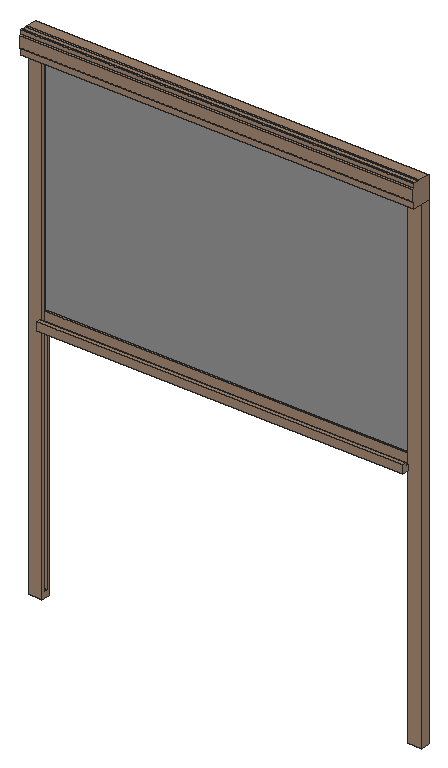
Revit family "Screen_Window_PrestigeSeries_PhantomScreens", category Windows, host Wall, Revit 2015
Parameters (values of type "Type as Specified")
  Wooden Slide Bar = Dark Ash
  URL = "http://www.phantomscreens.com/"
  Track Width = 0' - 1 89/256"
  Track Depth = 0' - 0 223/256"
  Specification = "http://www.phantomscreens.com/architects-designers/specifications-binder/"
  Slide Bar Height = 0' - 1.395"
  Slide Bar Depth = 0' - 1 1/2"
  Screen Thickness = 0' - 0 1/32"
  Screen = BetterVue™ Mesh
  Sales Information = "http://www.phantomscreens.com/support/"
  Revision = "R1_08-2016"
  Product Properties = "http://www.phantomscreens.com/drive/uploads/2015/05/technical_specs_serene.pdf"
  Product Data = "http://www.arcat.com/arcatcos/cos9540/arc40535.html"
  Percent Open [instance] = 50
  Model = "Prestige Series"
  Manufacturer Website = "http://www.phantomscreens.com/"
  Manufacturer Phone - Toll Free = ""
  Manufacturer Phone = "604-855-3654"
  Manufacturer Fax = "604-855-7834"
  Manufacturer Address = "30451 Simpson Rd.; Abbotsford; BC; Canada V2T 6C7"
  Manufacturer = "Phantom Screens"
  Keynote = "08 11 00"
  Installation-Fabrication = "http://www.phantomscreens.com/architects-designers/options/"
  Housing Depth = 0' - 1.901"
  Housing Height = 0' - 2.264"
  Height [instance] = 4' - 0"
  Drawn By = "Sumex Design - Robert S Weygant"
  Description = "Phantom Screens Prestige Series Screen"
  Default Sill Height = 3' - 0"
  Wall Closure = By host
  Width [instance] = 3' - 0"
  Copyright = "� 2016 ARCAT Inc."
  Construction Details = "http://www.arcat.com/details/phantoms/95prod3446.html"
  Assembly Code = "B2020400"
  Amount Open [instance] = Height * (Percent Open / 100)  # 2' - 0"
  Aluminum Track = Dark Ash
  Aluminum Slide Bar = Dark Ash
  Aluminum Housing = Dark Ash
Reference planes (in)
  plane 1 "Center (Front/Back)": y = 0
  plane 2: z = 0
  plane 3 "Center (Left/Right)": x = 0
  plane 4 "Left": x = -18
  plane 5 "Right": x = 18
  plane 6 "Sill": z = 36
  plane 7 "Top": z = 84
  plane 8: z = 86.264
  plane 9: x = 19.34766
  plane 10: x = -19.34766
  plane 11: y = -3
  plane 12: y = -4.901
  plane 13: z = 60
  plane 14: z = 61.395
  plane 15: y = -3.35938
  plane 16: y = -3.39062
  plane 17: y = -3.87109
  plane 18: y = -4.5
Forms (in)
  Extrusion 1, solid, material "Dark Ash" <- "Aluminum Track"
    sketch origin (0, 0, 0) x (1, 0, 0) y (0, 0, 1)
      loop
        line (19.34766, 84) -> (18, 84) -> (18, 36) -> (19.34766, 36) -> (19.34766, 84)
    from 3 to 3.87109
  Extrusion 2, solid, material "Dark Ash" <- "Aluminum Track"
    sketch origin (0, 0, 0) x (-1, 0, 0) y (0, 0, -1)
      loop
        line (19.34766, -84) -> (19.34766, -36) -> (18, -36) -> (18, -84) -> (19.34766, -84)
    from 3 to 3.87109
  Extrusion 3, solid, material "Dark Ash" <- "Wooden Slide Bar"
    sketch origin (0, 0, 0) x (0, 1, 0) y (0, 0, 1)
      loop
        line (-3, 61.395) -> (-3.64665, 61.395) -> (-3.64665, 60.54676) -> (-4.12903, 60.54676) -> (-4.12903, 60.79676) -> (-4.5, 60.79676) -> (-4.5, 60) -> (-3, 60) -> (-3, 61.395)
    from -18 to 18
  Extrusion 4, solid, material "BetterVue™ Mesh" <- "Screen"
    sketch origin (0, 0, 0) x (0, 1, 0) y (0, 0, 1)
      loop
        line (-3.35938, 61.395) -> (-3.35938, 84) -> (-3.39062, 84) -> (-3.39062, 61.395) -> (-3.35938, 61.395)
    from -18 to 18
  Extrusion 5, solid, material "Dark Ash" <- "Aluminum Housing"
    sketch origin (0, 0, 0) x (0, 1, 0) y (0, 0, 1)
      loop
        line (-3, 84) -> (-3, 86.264) -> (-4.14063, 86.264) -> (-4.21254, 86.19208) -> (-4.62425, 86.19208) -> (-4.66577, 86.264) -> (-4.74056, 86.264) -> (-4.78672, 86.21783) -> (-4.78672, 85.81578) -> (-4.901, 85.7015) -> (-4.901, 84.6875) -> (-4.78672, 84.57322) -> (-4.78672, 84) -> (-3, 84)
    from -19.34766 to 19.34766
  Extrusion 6, void
    sketch origin (0, 0, 36) x (0, -1, 0) y (1, 0, 0)
      loop
        line (3.23437, 18) -> (3.66016, 18) -> (3.66016, 18.37421) -> (3.76953, 18.37421) -> (3.76953, 19.09766) -> (3.13803, 19.09766) -> (3.13803, 18.37421) -> (3.23437, 18.37421) -> (3.23437, 18)
      loop
        line (3.23437, -18) -> (3.23437, -18.37421) -> (3.13803, -18.37421) -> (3.13803, -19.09766) -> (3.76953, -19.09766) -> (3.76953, -18.37421) -> (3.66016, -18.37421) -> (3.66016, -18) -> (3.23437, -18)
    from 0.62071 to 48
Cuts and joins
  Extrusion 6 cuts Extrusion 1
  Extrusion 6 cuts Extrusion 2
Text (in)
  text "EXTERIOR" at (-69.21001, -25.56818, 0), in view "Ref. Level"
  text "INTERIOR" at (-66.85452, 30.38598, 0), in view "Ref. Level"
  text "Exterior" at (0, 43.65631, 123.19604), in view "Left"
  text "Exterior" at (0, 18.29385, 125.04747), in view "Right"
Dimensions and locks (in)
  equal spacing: plane 4 "Left", plane 3 "Center (Left/Right)", plane 5 "Right"
  "Width": plane 4 "Left" to plane 5 "Right"
  "Height": plane 6 "Sill" to plane 7 "Top"
  "Default Sill Height": plane 2 to plane 6 "Sill"
  "Housing Height": plane 7 "Top" to plane 8
  "Housing Depth": plane 11 to plane 12
  "Screen Thickness": plane 15 to plane 16
  "Slide Bar Height": plane 13 to plane 14
  "Track Width": plane 5 "Right" to plane 9
  "Track Width": plane 10 to plane 4 "Left"
  "Track Depth": plane 17 to plane 11
  "Slide Bar Depth": plane 18 to plane 11
  "Amount Open": plane 13 to plane 6 "Sill"
  aligned and locked: level to plane 2
  aligned and locked: Extrusion 1 to plane 11
  aligned and locked: Extrusion 2 to plane 4 "Left"
  aligned and locked: plane 10 to Extrusion 2
  aligned and locked: plane 14 to Extrusion 3 sketch curve
  aligned and locked: Extrusion 3 sketch curve to plane 11
  aligned and locked: Extrusion 3 sketch curve to plane 13
  aligned and locked: Extrusion 3 to Extrusion 4 sketch curve
  aligned and locked: Extrusion 4 sketch curve to plane 15
  aligned and locked: plane 7 "Top" to Extrusion 4 sketch curve
  aligned and locked: plane 16 to Extrusion 4 sketch curve
  aligned and locked: Extrusion 3 to plane 5 "Right"
  aligned and locked: Extrusion 4 to plane 5 "Right"
  aligned and locked: plane 5 "Right" to Extrusion 3  (x2)
  aligned and locked: Extrusion 1 to plane 9
  aligned and locked: plane 4 "Left" to Extrusion 3
  aligned and locked: plane 14 to Extrusion 3  (x2)
  aligned and locked: Extrusion 3 to plane 13  (x2)
  aligned and locked: Extrusion 4 to plane 7 "Top"
  aligned and locked: plane 5 "Right" to Extrusion 1
  aligned and locked: Extrusion 4 to plane 16
  aligned and locked: plane 15 to Extrusion 4
  aligned and locked: Extrusion 2 to plane 11
  aligned and locked: Extrusion 4 to plane 14
  aligned and locked: Extrusion 3 to plane 11
  aligned and locked: plane 4 "Left" to Extrusion 4
  aligned and locked: Extrusion 5 sketch curve to plane 11
  aligned and locked: plane 7 "Top" to Extrusion 5 sketch curve
  aligned and locked: plane 12 to Extrusion 5 sketch curve
  aligned and locked: plane 8 to Extrusion 5  (x3)
  aligned and locked: plane 12 to Extrusion 5  (x2)
  aligned and locked: plane 7 "Top" to Extrusion 5  (x2)
  aligned and locked: Extrusion 5 to plane 9
  aligned and locked: plane 10 to Extrusion 5
  aligned and locked: Extrusion 1 to plane 17
  aligned and locked: Extrusion 2 to Extrusion 1
  aligned and locked: plane 18 to Extrusion 3
  aligned and locked: Extrusion 5 to plane 11  (x2)
  aligned and locked: Extrusion 6 to plane 7 "Top"
  aligned and locked: cut or joined group of Extrusion 2, Extrusion 6 to plane 11
  aligned and locked: plane 11 to cut or joined group of Extrusion 1, Extrusion 6
  aligned and locked: plane 11 to host wall
Automatic sketch dimensions
  plane 4 "Left" to Extrusion 2 sketch curve = 0' - 0"
  Extrusion 2 sketch curve to plane 6 "Sill" = 0' - 0"
  plane 10 to Extrusion 2 sketch curve = 0' - 0"
  Extrusion 2 sketch curve to plane 7 "Top" = 0' - 0"
  Extrusion 3 sketch curve to plane 16 = 0' - 0.25603"
  plane 13 to Extrusion 3 sketch curve = 0' - 0.54676"
  Extrusion 3 sketch curve to Extrusion 3 sketch curve = 0' - 0 1/4"
  plane 9 to Extrusion 1 sketch curve = 0' - 0"
  Extrusion 1 sketch curve to plane 7 "Top" = 0' - 0"
  Extrusion 3 sketch curve to plane 17 = 0' - 0.25794"
  Extrusion 3 sketch curve to plane 12 = 0' - 0.401"
  plane 5 "Right" to Extrusion 1 sketch curve = 0' - 0"
  Extrusion 1 sketch curve to plane 6 "Sill" = 0' - 0"
  Extrusion 5 sketch curve to plane 8 = 0' - 0.04617"
  Extrusion 5 sketch curve to plane 8 = 0' - 0"  (x2)
  Extrusion 5 sketch curve to plane 12 = 0' - 0.11428"  (x2)
  Extrusion 5 sketch curve to Extrusion 5 sketch curve = 0' - 0.04617"
  Extrusion 5 sketch curve to Extrusion 5 sketch curve = 0' - 0.4117"
  Extrusion 5 sketch curve to Extrusion 5 sketch curve = 0' - 0.07192"
  Extrusion 5 sketch curve to plane 7 "Top" = 0' - 0.57322"
  Extrusion 5 sketch curve to Extrusion 5 sketch curve = 0' - 0.11428"  (x2)
  Extrusion 5 sketch curve to plane 8 = 0' - 0 9/16"
  Extrusion 5 sketch curve to Extrusion 5 sketch curve = 0' - 0.07479"
  Extrusion 5 sketch curve to Extrusion 5 sketch curve = 0' - 0.04152"
  Extrusion 5 sketch curve to plane 8 = 0' - 0.07192"
  Extrusion 6 sketch curve to plane 5 "Right" = 0' - 0"
  Extrusion 6 sketch curve to plane 4 "Left" = 0' - 0"
  plane 15 to Extrusion 6 sketch curve = 0' - 0 1/8"  (x2)
  Extrusion 6 sketch curve to Extrusion 6 sketch curve = 0' - 0.09635"  (x2)
  plane 17 to Extrusion 6 sketch curve = 0' - 0 27/128"
  plane 17 to Extrusion 6 sketch curve = 0' - 0 13/128"  (x2)
  plane 4 "Left" to Extrusion 6 sketch curve = 0' - 0.37421"  (x2)
  Extrusion 6 sketch curve to plane 5 "Right" = 0' - 0.37421"  (x2)
  plane 9 to Extrusion 6 sketch curve = 0' - 0 1/4"
  Extrusion 6 sketch curve to plane 10 = 0' - 0 1/4"
  Extrusion 6 sketch curve to Extrusion 6 sketch curve = 0' - 0 7/64"
